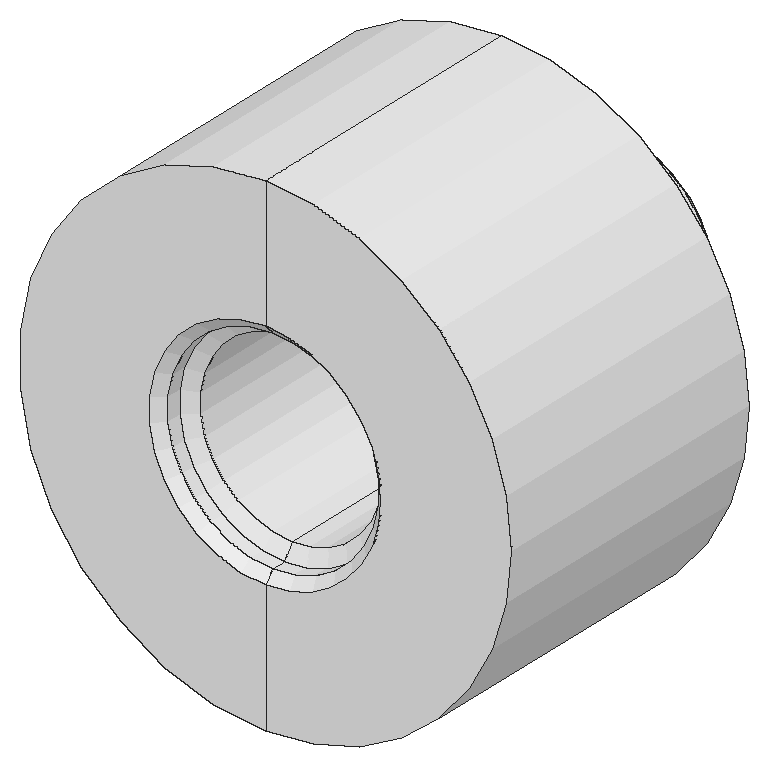
Revit family "PRD_FrankeWS_WshbsnTps_ExtensionAdapterForF3EBibTap_ACEV1001", category Specialty Equipment, Revit 2018
Family settings
  Round Connector Dimension = Use Diameter
  Part Type = Normal
  OmniClass Number = 23.45.05.14.99
  OmniClass Title = Other Sanitary Washing Plumbing Fixtures
  Work Plane-Based = Yes
  Always vertical = No
  Cut with Voids When Loaded = No
  Shared = No
  Room Calculation Point = No
Parameters (values of type "ACEV1001")
  WarrantyStartDate [instance] = "1900-12-31T23:59:59"
  WarrantyGuarantorParts = "n/a"
  WarrantyGuarantorLabor = "n/a"
  WarrantyDurationUnit = "year"
  WarrantyDurationParts = "n/a"
  WarrantyDurationLabor = "n/a"
  WarrantyDescription = "n/a"
  Version = "1"
  Uniclass2015Version = "Products v1.23"
  Uniclass2015Title = "Washbasin taps"
  Uniclass2015Code = "Pr_40_20_87_98"
  URL = "www.kwc.com"
  TypeOfExtension = "For bib taps"
  TailorMade = "No"
  TagNumber [instance] = "n/a"
  SustainabilityPerformance = "n/a"
  Status = "New"
  Size = "n/a"
  Shape = "n/a"
  SerialNumber [instance] = "n/a"
  Revision = "n/a"
  ReplacementCost = "n/a"
  Reference = "n/a"
  QuantityUom = "n/a"
  Quantity = "n/a"
  ProductInformation = "https://pim.kwc.com/product/2030043823/attachment/datasheet?locale=en"
  ProductCode = "208.0637.697"
  NominalWidth = 0 mm
  NominalLength = 0 mm
  NominalHeight = 0 mm
  NominalDepth = 0 mm
  NetWeight = 0.40 kg
  Name = "Extension adapter for F3E bib tap ACEV1001"
  NBSTypeID = "n/a"
  NBSReference = "45-35-70/371"
  NBSOfficeMasterTag = "n/a"
  NBSNote = "n/a"
  NBSDescription = "Water supply fittings for wash basins and troughs"
  NBSCertification = "n/a"
  ModelReference = "ACEV1001"
  ModelNumber = "2030043823"
  Model = ModelReference  # "ACEV1001"
  Material = "Brass"
  ManufacturerURL = "www.kwc.com"
  ManufacturerName = "KWC Group AG"  # constant formula
  Manufacturer = ManufacturerName  # "KWC Group AG"
  IntegralAccessories = "n/a"
  InstallationDate [instance] = "1900-12-31T23:59:59"
  IfcExportType = "USERDEFINED"
  IfcExportAs = "IfcSanitaryTerminalType"
  GrossWeight = 0.45 kg
  Grade = "n/a"
  Finish = "polished chromium-plated"
  Features = "polished chromium-plated brass"
  ExpectedLife = "n/a"
  DurationUnit = "year"
  Description = "Extension adapter for F3E bib tap, 30 mm, maximum 1-times stackable, polished chromium-plated brass."
  Default Elevation = 1219.2 mm
  CreatedOn = "05/2022"  # constant formula
  Constituents = "n/a"
  Color = "n/a"
  CodePerformance = "n/a"
  Category = "Pr_40_20_87_98, Washbasin taps"
  BodyMaterial = PRD_AR_ChromatedBrass_HighPolished
  BarCode [instance] = "n/a"
  BIMObjectName = "PRD_AR_WashbasinTaps_ExtensionAdapterForF3EBibTap_ACEV1001"
  Author = "Archispace"  # constant formula
  AssetType = "Fixed"
  AssetIdentifier [instance] = "n/a"
  AccessibilityPerformance = "n/a"
Reference planes
  plane 1 "Center (Front/Back)": y = 0
  plane 2: z = 0
  plane 3 "Center (Left/Right)": x = 0
Forms (mm)
  Revolve 1, solid, material "PRD_AR_ChromatedBrass_HighPolished" <- "BodyMaterial", detail levels fine
    sketch origin (0, 0, 0) x (0, 1, 0) y (0, 0, 1)
      loop
        line (15, 7.1) -> (15, 9.315) -> (13.838, 10.477) -> (1, 10.477)
        arc (1, 10.477) -> (0.293, 10.77) -> (0, 11.477) r 1
        line (0, 11.477) -> (0, 14.5) -> (-3, 14.5) -> (-3, 19) -> (0, 19) -> (0, 25) -> (-30, 25) -> (-30, 11.75) -> (-29, 10.75) -> (-27.5, 10.75) -> (-26.638, 9.316) -> (-5, 9.315) -> (-3.669, 7.1) -> (15, 7.1)
      axis (15, 0) -> (-30, 0)
    angle from 0 to 360
  Revolve 2, solid, material "PRD_AR_ChromatedBrass_HighPolished" <- "BodyMaterial", detail levels coarse+medium
    sketch origin (0, 0, 0) x (0, 1, 0) y (0, 0, 1)
      loop
        line (0, 0) -> (0, 25) -> (-30, 25) -> (-30, 0) -> (0, 0)
      axis (0, 0) -> (-30, 0)
    angle from 0 to 360
Dimensions and locks
  aligned and locked: level to plane 2
